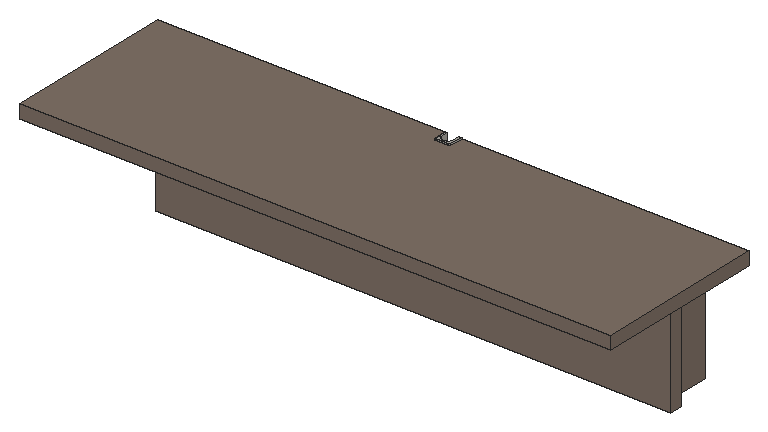
Revit family "Storage-Teknion-LWBRW_Byward_Return_Wall_Mounted-R2019", category Furniture, Revit 2019
Family settings
  OmniClass Number = 23.40.20.00
  OmniClass Title = General Furniture and Specialties
  Work Plane-Based = No
  Always vertical = Yes
  Cut with Voids When Loaded = No
  Shared = Yes
  Room Calculation Point = No
Parameters (values of type "14" Depth, 48" Width, Inset lower box")
  Width = 48.000"
  Warranty = "http://www.teknion.com/ca/papers/legal-canada"
  Unit Weight URL = "http://www.teknion.com/ca/tools/assets#&asset=bee6a381-b954-425e-8283-5a2de3a804f2,f828d448-4b62-4231-9e5f-9a8991c0ed77"
  URL = "www.teknion.com"
  Top & Lower Box Finish [instance] = Veneer-Teknion-5U-Flintwood-Raw_Umber (Long Grain)
  To render please download texture images found here [instance] = "https://assets.teknion.com/web/5e81352c1dfdb467/revit-material-swatches/"
  Sustainability Data = "https://www.teknion.com/ca/tools/assets#&topic=216f99a5-57a0-44fc-b10a-9dee9b29ae4c&asset=444deb64-fe58-4b68-981e-f75e97781df7,b4ff2d81-9f2e-437d-9659-7cffb09c31cf"
  Series = "Byward"  # constant formula
  Product Page URL = "https://www.teknion.com/ca/products/product-details?productLineId=87d0476f-8e7a-673b-a6c8-ff05004460c4"
  Product Line = "Byward"  # constant formula
  Product Documentation Link = "https://assets.teknion.com/m/d3f7903c0f9c31f/original/Byward-Reference-Guide.pdf"
  Part Number = "LWBRW"  # constant formula
  Model = "LWBRW1448I_"
  Manufacturer Phone = "416-661-3370"  # constant formula
  Manufacturer Fax = "416.661.4586"  # constant formula
  Manufacturer Contact Information = "http://www.teknion.com/ca/contactus"
  Manufacturer Address = "1150 Flint Road, Toronto, ON. M3J 2J5. Canada"  # constant formula
  Manufacturer = "Teknion"  # constant formula
  Inset lower box offset = 3.060"
  How To Use Teknion Materials User Guide [instance] = "https://assets.teknion.com/m/205dd0a49fa58060/original/How-to-add-a-Material-Library-and-Texture-Images-to-your-Revit-project.pdf"
  Has No Surface Grommet [instance] = not(Has Center Surface Grommet)  # no
  Has Center Surface Grommet [instance] = yes
  For Additional Finishes please visit [instance] = "https://assets.teknion.com/m/44a8009b046e5d47/original/Teknion_Materials_Library.zip"
  Description = "Byward Return, Wall Mounted, 14\" Depth, 48\" Width, Inset lower box"
  Center Grommet Hole Depth [instance] = if(Has Center Surface Grommet, 4.060", 0.500")  # 4.060"
  Assembly Code = "E2020200"
Types (7): name | Width | Model | Inset lower box offset | Description
  (no name) | 48.000" | "LWBRW1448I_" | 3.060" | "Byward Return, Wall Mounted, 14\" Depth, 48\" Width, Inset lower box"
  14" Depth, 36" Width, Flush lower box | 36.000" | "LWBRW1436F_" | 0.000" | "Byward Return, Wall Mounted, 14\" Depth, 36\" Width, Flush lower box"
  14" Depth, 36" Width, Inset lower box | 36.000" | "LWBRW1436I_" | 3.060" | "Byward Return, Wall Mounted, 14\" Depth, 36\" Width, Inset lower box"
  14" Depth, 42" Width, Inset lower box | 42.000" | "LWBRW1442I_" | 3.060" | "Byward Return, Wall Mounted, 14\" Depth, 42\" Width, Inset lower box"
  14" Depth, 48" Width, Inset lower box | 48.000" | "LWBRW1448I_" | 3.060" | "Byward Return, Wall Mounted, 14\" Depth, 48\" Width, Inset lower box"
  14" Depth, 42" Width, Flush lower box | 42.000" | "LWBRW1442F_" | 0.000" | "Byward Return, Wall Mounted, 14\" Depth, 42\" Width, Flush lower box"
  14" Depth, 48" Width, Flush lower box | 48.000" | "LWBRW1448F_" | 0.000" | "Byward Return, Wall Mounted, 14\" Depth, 48\" Width, Flush lower box"
Reference planes (in)
  plane 1 "Center Front/Back": y = -1.07219
  plane 2: z = 0
  plane 3 "Center Left/Right": x = 2.95199
  plane 4 "Left": x = -21.04801
  plane 5 "Right": x = 26.95199
  plane 6 "Back": y = 5.92781
  plane 7 "Front": y = -8.07219
  plane 8 "Top": z = 29
  plane 9: z = 32
Forms (in)
  Sweep 1, solid, material "Veneer-Teknion-5U-Flintwood-Raw_Umber (Long Grain)" <- "Top & Lower Box Finish"
    path origin (0, -1.07219, 0) x (1, 0, 0) y (0, 0, 1)
      loop
        line (2.95199, 27.94) -> (2.95199, 29)
    profile origin (2.95199, -1.07219, 28.47) x (-1, 0, 0) y (0, -1, 0)
      loop
        line (24, -7) -> (24, 7) -> (-24, 7) -> (-24, -7) -> (24, -7)
  Sweep 2, solid, material "Veneer-Teknion-5U-Flintwood-Raw_Umber (Long Grain)" <- "Top & Lower Box Finish"
    path origin (0, 0, 0) x (1, 0, 0) y (0, 1, 0)
      loop
        line (2.95199, 1.86781) -> (2.95199, 2.92781)
    profile origin (2.95199, 2.39781, 0) x (-1, 0, 0) y (0, 0, 1)
      loop
        line (20.94, 27.94) -> (-20.94, 27.94) -> (-20.94, 17.94) -> (20.94, 17.94) -> (20.94, 27.94)
  Sweep 3, solid, material "Veneer-Teknion-5U-Flintwood-Raw_Umber (Long Grain)" <- "Top & Lower Box Finish"
    path origin (0, 0, 0) x (1, 0, 0) y (0, 1, 0)
      loop
        line (-17.48801, 4.42781) -> (-16.42801, 4.42781)
    profile origin (-16.95801, 4.42781, 0) x (0, 1, 0) y (0, 0, 1)
      loop
        line (1.5, 27.94) -> (-1.5, 27.94) -> (-1.5, 18.44) -> (1.5, 18.44) -> (1.5, 27.94)
  Sweep 4, solid, material "Veneer-Teknion-5U-Flintwood-Raw_Umber (Long Grain)" <- "Top & Lower Box Finish"
    path origin (5.90397, 0, 0) x (-1, 0, 0) y (0, 1, 0)
      loop
        line (-17.48801, 4.42781) -> (-16.42801, 4.42781)
    profile origin (22.86199, 4.42781, 0) x (0, -1, 0) y (0, 0, 1)
      loop
        line (-1.5, 27.94) -> (-1.5, 18.44) -> (1.5, 18.44) -> (1.5, 27.94) -> (-1.5, 27.94)
  Sweep 5, solid, material "Veneer-Teknion-5U-Flintwood-Raw_Umber (Long Grain)" <- "Top & Lower Box Finish"
    path origin (0, 0, 0) x (1, 0, 0) y (0, 1, 0)
      loop
        line (-16.42801, 4.80726) -> (22.33199, 4.80726)
    profile origin (2.95199, 4.80726, 0) x (0, 1, 0) y (0, 0, 1)
      loop
        line (-0.53, 27.94) -> (-0.53, 18.44) -> (0.53, 18.44) -> (0.53, 27.94) -> (-0.53, 27.94)
  Sweep 6, solid, material "Veneer-Teknion-5U-Flintwood-Raw_Umber (Long Grain)" <- "Top & Lower Box Finish"
    path origin (0, 0, 0) x (1, 0, 0) y (0, 1, 0)
      loop
        line (2.95199, 5.92781) -> (2.95199, 5.33726)
    profile origin (2.95199, 5.63253, 0) x (1, 0, 0) y (0, 0, 1)
      loop
        line (18.838, 20.19) -> (-18.838, 20.19) -> (-18.838, 18.53055) -> (18.838, 18.53055) -> (18.838, 20.19)
  Sweep 7, solid, material "Veneer-Teknion-5U-Flintwood-Raw_Umber (Long Grain)" <- "Top & Lower Box Finish"
    path origin (0, 0, 0) x (1, 0, 0) y (0, 1, 0)
      loop
        line (2.95199, 5.92781) -> (2.95199, 5.33726)
    profile origin (2.95199, 5.63253, 0) x (1, 0, 0) y (0, 0, 1)
      loop
        line (19.35, 22.44) -> (-19.35, 22.44) -> (-19.35, 20.19) -> (19.35, 20.19) -> (19.35, 22.44)
  Sweep 8, solid, material "Veneer-Teknion-5U-Flintwood-Raw_Umber (Long Grain)" <- "Top & Lower Box Finish"
    path origin (0, 0, 0) x (1, 0, 0) y (0, 1, 0)
      loop
        line (2.95199, 5.33726) -> (2.95199, 5.92781)
    profile origin (2.95199, 5.63253, 0) x (-1, 0, 0) y (0, 0, 1)
      loop
        line (-2, 24.03055) -> (-2, 27.94) -> (-19.35, 27.94) -> (-19.35, 25.69) -> (-18.838, 25.69) -> (-18.838, 24.03055) -> (-2, 24.03055)
      loop
        line (2, 24.03055) -> (18.838, 24.03055) -> (18.838, 25.69) -> (19.35, 25.69) -> (19.35, 27.94) -> (2, 27.94) -> (2, 24.03055)
  Sweep 9, solid, material "Paint - Teknion - Mica - Titanium Grey"
    path origin (0, -1.07219, 0) x (1, 0, 0) y (0, 0, 1)
      loop
        line (2.95199, 18.38) -> (2.95199, 18.44)
    profile origin (2.95199, -1.07219, 18.41) x (-1, 0, 0) y (0, -1, 0)
      loop
        line (15.005, -6.94145) -> (17.755, -6.94145)
        arc (17.755, -6.94145) -> (17.84339, -6.90484) -> (17.88, -6.81645) r 0.125
        line (17.88, -6.81645) -> (17.88, -5.56645)
        arc (17.88, -5.56645) -> (17.84339, -5.47806) -> (17.755, -5.44145) r 0.125
        line (17.755, -5.44145) -> (15.005, -5.44145)
        arc (15.005, -5.44145) -> (14.91661, -5.47806) -> (14.88, -5.56645) r 0.125
        line (14.88, -5.56645) -> (14.88, -6.81645)
        arc (14.88, -6.81645) -> (14.91661, -6.90484) -> (15.005, -6.94145) r 0.125
      loop
        line (-17.755, -6.94145) -> (-15.005, -6.94145)
        arc (-15.005, -6.94145) -> (-14.91661, -6.90484) -> (-14.88, -6.81645) r 0.125
        line (-14.88, -6.81645) -> (-14.88, -5.56645)
        arc (-14.88, -5.56645) -> (-14.91661, -5.47806) -> (-15.005, -5.44145) r 0.125
        line (-15.005, -5.44145) -> (-17.755, -5.44145)
        arc (-17.755, -5.44145) -> (-17.84339, -5.47806) -> (-17.88, -5.56645) r 0.125
        line (-17.88, -5.56645) -> (-17.88, -6.81645)
        arc (-17.88, -6.81645) -> (-17.84339, -6.90484) -> (-17.755, -6.94145) r 0.125
  Sweep 10, void
    path origin (0, -1.07219, 0) x (1, 0, 0) y (0, 0, 1)
      loop
        line (2.95199, 32) -> (2.95199, 27.94)
    profile origin (2.95199, -1.07219, 29.97) x (0, -1, 0) y (1, 0, 0)
      loop
        arc (-5.92358, -0.5919) -> (-5.88094, -0.57051) -> (-5.85961, -0.52785) r 0.07557
        line (-5.85961, -0.52785) -> (-5.85961, 0.52785)
        arc (-5.85961, 0.52785) -> (-5.88094, 0.57051) -> (-5.92358, 0.5919) r 0.07557
        line (-5.92358, 0.5919) -> (-7, 0.69568) -> (-7, -0.69568) -> (-5.92358, -0.5919)
  Sweep 11, solid, material "Paint - Teknion - Mica - Titanium Grey", visible <- "Has Center Surface Grommet"
    path origin (0, -1.07219, 0) x (1, 0, 0) y (0, 0, 1)
      loop
        line (2.95199, 29.05906) -> (2.95199, 27.86614)
    profile origin (2.95199, -1.07219, 28.4626) x (0, -1, 0) y (1, 0, 0)
      loop
        arc (-5.92358, -0.5919) -> (-5.88094, -0.57051) -> (-5.85961, -0.52785) r 0.07557
        line (-5.85961, -0.52785) -> (-5.85961, 0.52785)
        arc (-5.85961, 0.52785) -> (-5.88094, 0.57051) -> (-5.92358, 0.5919) r 0.07557
        line (-5.92358, 0.5919) -> (-7, 0.69568) -> (-7, 0.49865) -> (-6.32355, 0.43343)
        arc (-6.32355, 0.43343) -> (-6.13268, 0.33772) -> (-6.05573, 0.13854) r 0.29626
        line (-6.05573, 0.13854) -> (-6.05573, -0.13854)
        arc (-6.05573, -0.13854) -> (-6.13268, -0.33772) -> (-6.32355, -0.43343) r 0.29626
        line (-6.32355, -0.43343) -> (-7, -0.49865) -> (-7, -0.69568) -> (-5.92358, -0.5919)
Cuts and joins
  Sweep 10 cuts Sweep 1
Lines and regions (in)
  Masking region 1
    outline origin (0, 0, 0) x (1, 0, 0) y (0, 1, 0)
      loop
        line (-21.04801, 5.92781) -> (-21.04801, -8.07219) -> (26.95199, -8.07219) -> (26.95199, 5.92781) -> (-21.04801, 5.92781)
  symbolic lines, style "FurnitureHiddenLines", detail levels medium+fine
    curve 1: line (-17.48801, 2.92781, 0) -> (-17.48801, 5.92781, 0)
    curve 2: line (-16.42801, 2.92781, 0) -> (-16.42801, 5.92781, 0)
    curve 3: line (23.89199, 2.92781, 0) -> (-17.98801, 2.92781, 0)
    curve 4: line (-17.98801, 2.92781, 0) -> (-17.98801, 1.86781, 0)
    curve 5: line (23.89199, 1.86781, 0) -> (-17.98801, 1.86781, 0)
    curve 6: line (23.89199, 1.86781, 0) -> (23.89199, 2.92781, 0)
    curve 7: line (23.39199, 5.92781, 0) -> (23.39199, 2.92781, 0)
    curve 8: line (22.33199, 5.92781, 0) -> (22.33199, 2.92781, 0)
    curve 9: line (-16.42801, 4.27726, 0) -> (22.33199, 4.27726, 0)
    curve 10: line (22.33199, 5.33726, 0) -> (-16.42801, 5.33726, 0)
  symbolic lines, style "FurnitureHiddenLines", detail levels fine
    curve 11: line (-16.39801, 5.92781, 0) -> (-16.39801, 5.33726, 0)
    curve 12: line (-15.88601, 5.92781, 0) -> (-15.88601, 5.33726, 0)
    curve 13: line (0.95199, 5.33726, 0) -> (0.95199, 5.92781, 0)
    curve 14: line (4.95199, 5.92781, 0) -> (4.95199, 5.33726, 0)
    curve 15: line (21.78999, 5.33726, 0) -> (21.78999, 5.92781, 0)
    curve 16: line (22.30199, 5.33726, 0) -> (22.30199, 5.92781, 0)
    curve 17: line (-14.92801, 5.74426, 0) -> (-14.92801, 4.49426, 0)
    curve 18: line (-11.92801, 4.49426, 0) -> (-11.92801, 5.74426, 0)
    curve 19: line (-14.80301, 4.36926, 0) -> (-12.05301, 4.36926, 0)
    curve 20: line (22.30199, 5.92781, 0) -> (-16.39801, 5.92781, 0)
    curve 21: line (-12.05301, 5.86926, 0) -> (-14.80301, 5.86926, 0)
    curve 22: arc (-14.92801, 5.74426, 0) -> (-14.8914, 5.83264, 0) -> (-14.80301, 5.86926, 0) r 0.125
    curve 23: arc (-14.80301, 4.36926, 0) -> (-14.8914, 4.40587, 0) -> (-14.92801, 4.49426, 0) r 0.125
    curve 24: arc (-11.92801, 4.49426, 0) -> (-11.96463, 4.40587, 0) -> (-12.05301, 4.36926, 0) r 0.125
    curve 25: arc (-12.05301, 5.86926, 0) -> (-11.96463, 5.83264, 0) -> (-11.92801, 5.74426, 0) r 0.125
    curve 26: line (20.70699, 5.86926, 0) -> (17.95699, 5.86926, 0)
    curve 27: line (17.95699, 4.36926, 0) -> (20.70699, 4.36926, 0)
    curve 28: line (17.83199, 5.74426, 0) -> (17.83199, 4.49426, 0)
    curve 29: line (20.83199, 4.49426, 0) -> (20.83199, 5.74426, 0)
    curve 30: arc (17.83199, 5.74426, 0) -> (17.8686, 5.83264, 0) -> (17.95699, 5.86926, 0) r 0.125
    curve 31: arc (20.70699, 5.86926, 0) -> (20.79537, 5.83264, 0) -> (20.83199, 5.74426, 0) r 0.125
    curve 32: arc (20.83199, 4.49426, 0) -> (20.79537, 4.40587, 0) -> (20.70699, 4.36926, 0) r 0.125
    curve 33: arc (17.95699, 4.36926, 0) -> (17.8686, 4.40587, 0) -> (17.83199, 4.49426, 0) r 0.125
  symbolic lines, visible <- "Has Center Surface Grommet"
    curve 34: line (2.25631, 5.92781, 0) -> (2.36009, 4.85139, 0)
    curve 35: line (3.54388, 4.85139, 0) -> (3.64766, 5.92781, 0)
    curve 36: line (2.42414, 4.78742, 0) -> (3.47983, 4.78742, 0)
    curve 37: arc (2.36009, 4.85139, 0) -> (2.38147, 4.80875, 0) -> (2.42414, 4.78742, 0) r 0.07557
    curve 38: arc (3.47983, 4.78742, 0) -> (3.5225, 4.80875, 0) -> (3.54388, 4.85139, 0) r 0.07557
    curve 39: line (3.45064, 5.92781, 0) -> (3.38542, 5.25136, 0)
    curve 40: line (2.51855, 5.25136, 0) -> (2.45333, 5.92781, 0)
    curve 41: line (3.09053, 4.98353, 0) -> (2.81344, 4.98353, 0)
    curve 42: arc (2.81344, 4.98353, 0) -> (2.61426, 5.06048, 0) -> (2.51855, 5.25136, 0) r 0.29626
    curve 43: arc (3.38542, 5.25136, 0) -> (3.28971, 5.06048, 0) -> (3.09053, 4.98353, 0) r 0.29626
Dimensions and locks (in)
  "Width": plane 4 "Left" to plane 5 "Right"
  locked: plane 6 "Back" to plane 7 "Front" at 14
  locked: plane 8 "Top" to level at 29
  equal spacing: plane 4 "Left", plane 3 "Center Left/Right", plane 5 "Right"
  equal spacing: plane 7 "Front", plane 1 "Center Front/Back", plane 6 "Back"
  locked: plane 8 "Top" to Sweep 1 sketch curve at 1.06
  Sweep 2 sketch curve to Sweep 2 sketch curve to plane 6 "Back" = 1.060" locked, 3.000" locked
  plane 8 "Top" to Sweep 2 sketch curve to Sweep 2 sketch curve = 1.060" locked, 10.000" locked
  "Inset lower box offset": Sweep 2 sketch curve to plane 4 "Left"
  "Inset lower box offset": Sweep 2 sketch curve to plane 5 "Right"
  plane 4 "Left" to Sweep 3 sketch curve to Sweep 3 sketch curve = 3.560" locked, 1.060" locked
  locked: plane 6 "Back" to Sweep 3 sketch curve at 1.5
  plane 8 "Top" to Sweep 3 sketch curve to Sweep 3 sketch curve = 1.060" locked, 9.500" locked
  locked: plane 6 "Back" to Sweep 3 sketch curve at 3
  plane 5 "Right" to Sweep 4 sketch curve to Sweep 4 sketch curve = 3.560" locked, 1.060" locked
  plane 8 "Top" to Sweep 4 sketch curve to Sweep 4 sketch curve = 1.060" locked, 9.500" locked
  locked: Sweep 4 sketch curve to plane 6 "Back" at 3
  locked: Sweep 5 sketch curve to plane 5 "Right" at 4.62
  locked: plane 4 "Left" to Sweep 5 sketch curve at 4.62
  locked: Sweep 5 sketch curve to plane 6 "Back" at 1.12055
  plane 8 "Top" to Sweep 5 sketch curve to Sweep 5 sketch curve = 1.060" locked, 9.500" locked
  plane 6 "Back" to Sweep 5 sketch curve to Sweep 5 sketch curve = 0.59055" locked, 1.060" locked
  locked: plane 6 "Back" to Sweep 6 sketch curve at 0.59055
  locked: Sweep 6 sketch curve to plane 5 "Right" at 5.162
  locked: Sweep 6 sketch curve to plane 4 "Left" at 5.162
  Sweep 6 sketch curve to Sweep 6 sketch curve to plane 8 "Top" = 1.65945" locked, 8.810" locked
  Sweep 7 sketch curve to Sweep 7 sketch curve to plane 8 "Top" = 2.250" locked, 6.560" locked
  locked: plane 6 "Back" to Sweep 7 sketch curve at 0.59055
  locked: Sweep 7 sketch curve to plane 5 "Right" at 4.65
  locked: Sweep 7 sketch curve to plane 4 "Left" at 4.65
  locked: plane 6 "Back" to Sweep 8 sketch curve at 0.59055
  Sweep 8 sketch curve to Sweep 8 sketch curve to plane 5 "Right" = 0.512" locked, 4.650" locked
  Sweep 8 sketch curve to Sweep 8 sketch curve to Sweep 1 = 1.65945" locked, 2.250" locked
  Sweep 8 sketch curve to Sweep 8 sketch curve to plane 8 "Top" = 1.65945" locked, 3.310" locked
  Sweep 8 sketch curve to Sweep 8 sketch curve to plane 4 "Left" = 0.512" locked, 4.650" locked
  plane 8 "Top" to Sweep 9 sketch curve to Sweep 9 sketch curve = 10.560" locked, 0.060" locked
  plane 4 "Left" to Sweep 9 sketch curve to Sweep 9 sketch curve to Sweep 9 sketch curve to Sweep 9 sketch curve to Sweep 9 sketch curve to Sweep 9 sketch curve = 6.120" locked, 0.125" locked, 0.000" locked, 2.750" locked, 0.000" locked, 0.125" locked
  plane 6 "Back" to Sweep 9 sketch curve to Sweep 9 sketch curve to Sweep 9 sketch curve to Sweep 9 sketch curve to Sweep 9 sketch curve = 0.05855" locked, 0.125" locked, 0.000" locked, 1.250" locked, 0.000" locked
  Sweep 9 sketch curve to Sweep 9 sketch curve to Sweep 9 sketch curve to Sweep 9 sketch curve to Sweep 9 sketch curve to Sweep 9 sketch curve to plane 5 "Right" = 0.125" locked, 0.000" locked, 2.750" locked, 0.000" locked, 0.125" locked, 6.120" locked
  plane 6 "Back" to Sweep 9 sketch curve to Sweep 9 sketch curve to Sweep 9 sketch curve to Sweep 9 sketch curve to Sweep 9 sketch curve to Sweep 9 sketch curve = 0.05855" locked, 0.125" locked, 0.000" locked, 1.250" locked, 0.000" locked, 0.125" locked
  locked: plane 9 to plane 8 "Top" at 3
  "Center Grommet Hole Depth": plane 9 to Sweep 10 sketch curve
  plane 6 "Back" to Sweep 10 sketch curve to Sweep 10 sketch curve to Sweep 10 sketch curve to Sweep 10 sketch curve to Sweep 10 sketch curve = 1.06559" locked, 0.000" locked, 0.01083" locked, 0.000" locked, 0.06397" locked
  Sweep 10 sketch curve to Sweep 10 sketch curve to plane 3 "Center Left/Right" to Sweep 10 sketch curve to Sweep 10 sketch curve = 0.17857" locked, 0.51711" locked, 0.51711" locked, 0.17857" locked
  locked: Sweep 11 sketch curve to plane 8 "Top" at 0.05906
  locked: plane 8 "Top" to Sweep 11 sketch curve at 1.13386
  Sweep 11 sketch curve to Sweep 11 sketch curve to Sweep 11 sketch curve to Sweep 11 sketch curve to Sweep 11 sketch curve to plane 3 "Center Left/Right" to Sweep 11 sketch curve to Sweep 11 sketch curve to Sweep 11 sketch curve to Sweep 11 sketch curve to Sweep 11 sketch curve = 0.17857" locked, 0.01845" locked, 0.36011" locked, 0.000" locked, 0.13854" locked, 0.13854" locked, 0.000" locked, 0.36011" locked, 0.01845" locked, 0.17857" locked
  plane 6 "Back" to Sweep 11 sketch curve to Sweep 11 sketch curve to Sweep 11 sketch curve to Sweep 11 sketch curve to Sweep 11 sketch curve to Sweep 11 sketch curve = 0.64801" locked, 0.000" locked, 0.29626" locked, 0.12132" locked, 0.000" locked, 0.0748" locked
  locked: plane 3 "Center Left/Right" to Sweep 8 sketch curve at 2
  locked: Sweep 8 sketch curve to plane 3 "Center Left/Right" at 2
  aligned and locked: level to plane 2
  aligned and locked: plane 8 "Top" to Sweep 1 sketch curve
  aligned and locked: plane 3 "Center Left/Right" to Sweep 1 sketch curve
  aligned and locked: Sweep 1 sketch curve to plane 6 "Back"
  aligned and locked: Sweep 1 sketch curve to plane 7 "Front"
  aligned and locked: Sweep 1 sketch curve to plane 4 "Left"
  aligned and locked: plane 5 "Right" to Sweep 1 sketch curve
  aligned and locked: plane 6 "Back" to Sweep 3 sketch curve
  aligned and locked: Sweep 4 sketch curve to plane 6 "Back"
  aligned and locked: plane 6 "Back" to Sweep 6 sketch curve
  aligned and locked: Sweep 6 sketch curve to plane 3 "Center Left/Right"
  aligned and locked: plane 6 "Back" to Sweep 7 sketch curve
  aligned and locked: Sweep 7 sketch curve to plane 3 "Center Left/Right"
  aligned and locked: plane 6 "Back" to Sweep 8 sketch curve
  aligned and locked: Sweep 8 sketch curve to Sweep 1
  aligned and locked: Sweep 1 to Sweep 8 sketch curve
  aligned and locked: plane 3 "Center Left/Right" to Sweep 9 sketch curve
  aligned and locked: plane 9 to Sweep 10 sketch curve
  aligned and locked: plane 6 "Back" to Sweep 10 sketch curve
  aligned and locked: plane 6 "Back" to Sweep 11 sketch curve
  aligned and locked: Sweep 11 sketch curve to plane 6 "Back"
  aligned and locked: Masking region 1 sketch curve to plane 4 "Left"
  aligned and locked: Masking region 1 sketch curve to plane 6 "Back"
  aligned and locked: Masking region 1 sketch curve to plane 7 "Front"
  aligned and locked: plane 5 "Right" to Masking region 1 sketch curve
  aligned and locked: curve 1 to Sweep 3
  aligned and locked: curve 2 to Sweep 3
  aligned and locked: curve 3 to Sweep 2
  aligned and locked: curve 4 to Sweep 2
  aligned and locked: curve 5 to Sweep 2
  aligned and locked: curve 6 to Sweep 2
  aligned and locked: curve 7 to Sweep 4
  aligned and locked: curve 8 to Sweep 4
  aligned and locked: curve 9 to Sweep 5
  aligned and locked: curve 10 to Sweep 5
  aligned and locked: curve 11 to Sweep 8
  aligned and locked: curve 12 to Sweep 8
  aligned and locked: curve 13 to Sweep 8
  aligned and locked: curve 14 to Sweep 8
  aligned and locked: curve 15 to Sweep 8
  aligned and locked: curve 16 to Sweep 8
  aligned and locked: curve 22 to Sweep 9
  aligned and locked: curve 23 to Sweep 9
  aligned and locked: curve 24 to Sweep 9
  aligned and locked: curve 25 to Sweep 9
  aligned and locked: curve 30 to Sweep 9
  aligned and locked: curve 31 to Sweep 9
  aligned and locked: curve 32 to Sweep 9
  aligned and locked: curve 33 to Sweep 9
  aligned and locked: curve 34 to Sweep 10
  aligned and locked: curve 35 to Sweep 10
  aligned and locked: curve 36 to Sweep 10
  aligned and locked: curve 37 to Sweep 10
  aligned and locked: curve 38 to Sweep 10
  aligned and locked: curve 39 to Sweep 11
  aligned and locked: curve 42 to Sweep 11
  aligned and locked: curve 43 to Sweep 11
Automatic sketch dimensions
  Sweep 2 sketch curve to plane 3 "Center Left/Right" = 0.000"
  plane 6 "Back" to Sweep 4 sketch curve = 1.500"
  Sweep 8 sketch curve to plane 3 "Center Left/Right" = 0.000"
  Sweep 10 sketch curve to Sweep 10 sketch curve = 0.06405"  (x2)
  Sweep 11 sketch curve to plane 3 "Center Left/Right" = 0.000"
  Sweep 11 sketch curve to Sweep 11 sketch curve = 0.02843"  (x2)
  Sweep 11 sketch curve to Sweep 11 sketch curve = 0.01083"  (x2)
  Sweep 11 sketch curve to Sweep 11 sketch curve = 0.06405"
  Sweep 11 sketch curve to Sweep 11 sketch curve = 0.07479"
  curve 1 to plane 6 "Back" = 0.000"
  curve 2 to plane 6 "Back" = 0.000"
  plane 6 "Back" to curve 7 = 0.000"
  plane 6 "Back" to curve 8 = 0.000"
  curve 10 to curve 11 = 0.000"
  curve 14 to plane 6 "Back" = 0.000"
  curve 16 to curve 10 = 0.000"
  curve 39 to curve 38 = 0.08367"
  curve 37 to curve 40 = 0.08367"
  curve 34 to curve 40 = 0.19702"
  Sweep 10 sketch curve to plane 3 "Center Left/Right" = 0.000"
